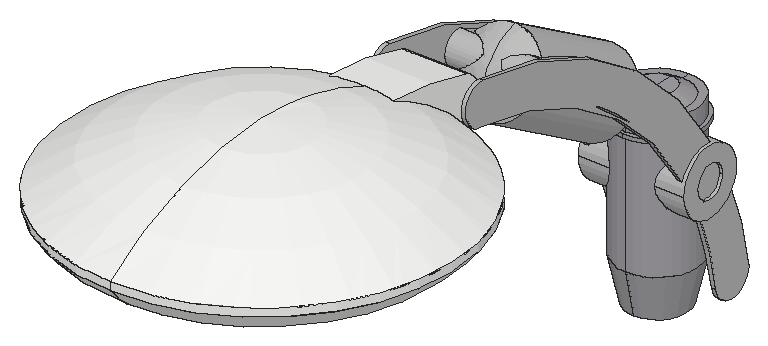
Revit family
Parameters (values of type "24" , FH2-150MH")
  Default elevation = 0' - 0"
  Height = 2' - 7"  # constant formula
  Length = 3' - 6"  # constant formula
  Wattage Comments = "MH150/U"
  Wattage = 84.1513 W
  built-in parameter 1150110 = 1 (stored number, unit not read)
  Voltage = 277 V  # constant formula
  Width = 0' - 4"  # constant formula
  URL = "http://www.aal.net/"
  built-in parameter 1114217 = 1 (stored number, unit not read)
  Tilt Angle = 90.00°
  built-in parameter 1150109 = 1 (stored number, unit not read)
  built-in parameter 1150134 = (empty or 0)
  built-in parameter 1150113 = 1 (stored number, unit not read)
  Series = "FLex"  # constant formula
  Revision Date = "02/23/2010"  # constant formula
  Framing Material = Aluminum-AAL-Grey Satin
  Power Factor = 1  # constant formula
  Photometric Web File = "generic.ies"
  OmniClass Title = "Post-Top Lighting"  # constant formula
  OmniClass Number = "23.80.70.14.11.14"  # constant formula
  Number of Poles = 1
  Note Visible = yes
  Note Text = "LF"  # constant formula
  Model = "24\" , FH2-150MH"
  MasterFormat Title = "Area Lighting"  # constant formula
  MasterFormat Number = "26.56.29"  # constant formula
  Manufacturer = "Architectural Area Lighting"  # constant formula
  Lumens = 12500 lm
  built-in parameter 1150115 = 1 (stored number, unit not read)
  built-in parameter 1150105 = 994.72 (stored number, unit not read)
  built-in parameter 1150137 = (empty or 0)
  built-in parameter 1150139 = (empty or 0)
  built-in parameter 1150112 = 1 (stored number, unit not read)
  built-in parameter 1150114 = 1 (stored number, unit not read)
  Lamp = "150 WATT MEDIUM BASE ED-17 CLEAR MH LAMP"
  built-in parameter 1150132 = 2
  built-in parameter 1150102 = (empty or 0)
  built-in parameter 1150138 = (empty or 0)
  built-in parameter 1150107 = 3000 (stored number, unit not read)
  built-in parameter 1150106 = 9.9472 (stored number, unit not read)
  Housing Material = Aluminum-AAL-Artic White
  Glazing Type = Glass-AAL-Clear
  Full Load Current = 0.73 A  # constant formula
  Frequency = 60 Hz  # constant formula
  built-in parameter 1150104 = 13.8 (stored number, unit not read)
  Dimming Lamp Color Temperature Shift = (empty or 0)
  Description = "Exterior Lighting"  # constant formula
  Color Filter = 16777215
  built-in parameter 1114218 = 1 (stored number, unit not read)
  built-in parameter 1150133 = 10 (stored number, unit not read)
  Assembly Code = "D5020210"
  Architectural Design Manual = "http://www.aal.net/sections/downloads/html/downloads.html"
  Apparent Load = 150 VA
  Absolute Lumens = 12500 lm
  AAL IES File = "FH2-150MH.IES"
Reference planes (in)
  plane 1 "Light Source Axis (F/B)": y = 1.68956
  plane 2: z = 0.00059
  plane 3 "Light Source Axis (L/R)": x = 0
  plane 4 "Light Source Elevation": z = 18.00059
  plane 5 "Top": z = 31.00059
  plane 6 "Back": y = 32.06456
  plane 7 "Front": y = -9.93544
  plane 8: y = 13.31456
Forms (in)
  Revolve 1, solid, material "Aluminum-AAL-Artic White" <- "Housing Material", detail levels medium+fine
    sketch origin (0, 0, 0) x (0, 1, 0) y (0, 0, 1)
      loop
        arc (1.68956, 23.41936) -> (-4.44431, 22.41331) -> (-9.93544, 19.50059) r 19.20214
        line (-9.93544, 19.50059) -> (-9.93544, 19.00059) -> (-9.68544, 19.00059) -> (-9.68544, 19.37614)
        arc (-9.68544, 19.37614) -> (-4.30584, 22.19606) -> (1.68956, 23.16936) r 18.95214
        line (1.68956, 23.16936) -> (1.68956, 23.41936)
      axis (1.68956, 23.41936) -> (1.68956, 19.00059)
    angle from 0 to 360
  Revolve 2, solid, material "Aluminum-AAL-Artic White" <- "Housing Material", detail levels medium+fine
    sketch origin (0, 0, 0) x (0, 1, 0) y (0, 0, 1)
      loop
        line (-5.93544, 17.00059) -> (-5.93544, 17.06309) -> (-6.1739, 17.06309)
        arc (-6.1739, 17.06309) -> (-8.25434, 17.57991) -> (-9.85966, 19.00059) r 4.50026
        line (-9.85966, 19.00059) -> (-9.93544, 19.00059)
        arc (-9.93544, 19.00059) -> (-8.30246, 17.53465) -> (-6.17399, 17.00059) r 4.56276
        line (-6.17399, 17.00059) -> (-5.93544, 17.00059)
      axis (1.68956, 19.00059) -> (1.68956, 17.00059)
    angle from 0 to 360
  Extrusion 3, solid, material "Glass-AAL-Clear" <- "Glazing Type"
    sketch origin (0, 0, 18.00059) x (0, -1, 0) y (-1, 0, 0)
      loop
        circle (-1.68956, 0) r 7.625
    from 0.9375 to 1
  Extrusion 4, solid, material "Aluminum-AAL-Artic White" <- "Housing Material", detail levels medium+fine
    sketch origin (0, 0, 0) x (0, 1, 0) y (0, 0, 1)
      loop
        line (9.25725, 21.73831) -> (9.36016, 16.99823)
        arc (9.36016, 16.99823) -> (12.16761, 17.24164) -> (14.90087, 17.92748) r 17.70208
        arc (14.90087, 17.92748) -> (15.87284, 19.34576) -> (14.90087, 20.76405) r 1.52075
        arc (14.90087, 20.76405) -> (12.114, 21.45358) -> (9.25725, 21.73831) r 20.06345
    from -2 to 2
  Revolve 5, solid, material "Aluminum-AAL-Grey Satin" <- "Framing Material", detail levels fine
    sketch origin (0, 0, 0) x (0, 1, 0) y (0, 0, 1)
      loop
        arc (26.05048, 11.50761) -> (27.30066, 12.10481) -> (28.21851, 13.14266) r 3.47802
        line (28.21851, 13.14266) -> (18.97707, 18.4782)
        arc (18.97707, 18.4782) -> (18.5372, 17.16439) -> (18.6451, 15.78311) r 3.47802
        line (18.6451, 15.78311) -> (26.05048, 11.50761)
      axis (28.21851, 13.14266) -> (18.97707, 18.4782)
    angle from 0 to 360
  Extrusion 6, solid, material "Aluminum-AAL-Grey Satin" <- "Framing Material", detail levels medium+fine
    sketch origin (0, 0, 0) x (0, 1, 0) y (0, 0, 1)
      loop
        arc (32.82433, 1.37216) -> (34.26512, 0.34789) -> (35.28939, 1.78867) r 1.25
        arc (35.28939, 1.78867) -> (28.33631, 14.70455) -> (14.96687, 20.73973) r 22.87006
        arc (14.96687, 20.73973) -> (13.60104, 19.61745) -> (14.72333, 18.25162) r 1.25
        arc (14.72333, 18.25162) -> (26.63131, 12.87617) -> (32.82433, 1.37216) r 20.37006
    from 2.75 to 3
  Extrusion 7, solid, material "Aluminum-AAL-Grey Satin" <- "Framing Material", detail levels medium+fine
    sketch origin (0, 12, 0) x (0, 1, 0) y (0, 0, 1)
      loop
        arc (20.82433, 1.37216) -> (22.26512, 0.34789) -> (23.28939, 1.78867) r 1.25
        arc (23.28939, 1.78867) -> (16.33631, 14.70455) -> (2.96687, 20.73973) r 22.87006
        arc (2.96687, 20.73973) -> (1.60104, 19.61745) -> (2.72333, 18.25162) r 1.25
        arc (2.72333, 18.25162) -> (14.63131, 12.87617) -> (20.82433, 1.37216) r 20.37006
    from -2.75 to -3
  Revolve 8, solid, material "Aluminum-AAL-Matte", detail levels medium+fine
    sketch origin (0, 0, 0) x (0, 1, 0) y (0, 0, 1)
      loop
        line (32.06456, 0.00059) -> (32.06456, 11.96459) -> (31.00234, 11.96459) -> (30.13372, 11.47198) -> (29.63372, 11.47198) -> (29.63372, 10.41968) -> (29.38372, 10.41968) -> (29.38372, 10.16968) -> (29.63372, 10.16968) -> (29.63372, 2.68011) -> (30.25234, 0.00059) -> (32.06456, 0.00059)
      axis (32.06456, 0.00059) -> (32.06456, 11.96459)
    angle from 0 to 360
  Extrusion 9, solid, material "Aluminum-AAL-Grey Satin" <- "Framing Material", detail levels medium+fine
    sketch origin (0, 0, 0) x (0, 1, 0) y (0, 0, 1)
      loop
        circle (32.06456, 7.72793) r 1
      loop
        circle (32.06456, 7.72793) r 2
    from -3.25 to 3.25
  Extrusion 10, solid, material "Aluminum-AAL-Matte", detail levels coarse
    sketch origin (11.32072, 0, 0.00059) x (1, 0, 0) y (0, 1, 0)
      loop
        circle (-11.32072, 32.06456) r 2.5
    from 0 to 11.964
  Revolve 11, solid, material "Aluminum-AAL-Artic White" <- "Housing Material", detail levels coarse
    sketch origin (0, 0, 0) x (0, 1, 0) y (0, 0, 1)
      loop
        line (-9.93544, 17.00059) -> (-5.93544, 17.00059) -> (-5.93544, 22.50059) -> (1.68956, 22.50059) -> (1.68956, 23.46779) -> (-9.93544, 23.46779) -> (-9.93544, 17.00059)
      axis (1.68956, 23.46779) -> (1.68956, 17.00059)
    angle from 0 to 360
  Extrusion 12, solid, material "Aluminum-AAL-Matte", detail levels coarse
    sketch origin (0, 0, 0) x (0, 1, 0) y (0, 0, 1)
      loop
        arc (9.66013, 18.11449) -> (23.36401, 15.35797) -> (32.06456, 4.41745) r 20.37006
        line (32.06456, 4.41745) -> (34.43637, 5.20771)
        arc (34.43637, 5.20771) -> (24.66801, 17.49094) -> (9.28227, 20.58577) r 22.87006
        line (9.28227, 20.58577) -> (9.66013, 18.11449)
    from -3.25 to 3.25
  Extrusion 13, solid, material "Aluminum-AAL-Grey Satin" <- "Framing Material", detail levels fine
    sketch origin (0, 0, 0) x (0, 1, 0) y (0, 0, 1)
      loop
        arc (19.59353, 17.42586) -> (23.47802, 15.58128) -> (26.89545, 12.97114) r 20.62006
        arc (26.89545, 12.97114) -> (28.1205, 13.18976) -> (28.26853, 14.42532) r 1.04542
        arc (28.26853, 14.42532) -> (24.51963, 17.28863) -> (20.25838, 19.31212) r 22.62006
        arc (20.25838, 19.31212) -> (19.17669, 18.63308) -> (19.59353, 17.42586) r 1.02659
    from -2.75 to 2.75
Cuts and joins
  joined: Extrusion 6, Extrusion 7, Extrusion 9
  joined: Extrusion 10, Extrusion 12
  joined: Revolve 1, Extrusion 4
  joined: Revolve 5, Extrusion 13
Lines and regions (in)
  Masking region 1, detail levels coarse
    outline origin (0, 0, 0.00059) x (1, 0, 0) y (0, 1, 0)
      loop
        arc (-3.25, 12.85102) -> (0, -9.93544) -> (3.25, 12.85102) r 11.625
        line (3.25, 12.85102) -> (3.25, 35.30686) -> (-3.25, 35.30686) -> (-3.25, 12.85102)
  Masking region 2, detail levels medium+fine
    outline origin (0, 0, 0.00059) x (1, 0, 0) y (0, 1, 0)
      loop
        arc (-2, 13.14122) -> (0, -9.93544) -> (2, 13.14122) r 11.625
        line (2, 13.14122) -> (2, 14.68914) -> (2.75, 14.68914) -> (2.75, 13.39122) -> (3, 13.39122) -> (3, 14.68914) -> (3, 19.6451) -> (3, 27.05048) -> (3, 30.06456) -> (3.25, 30.06456) -> (3.25, 34.06456) -> (3, 34.06456) -> (3, 35.30686) -> (2.75, 35.30686) -> (2.75, 34.06456) -> (1.78519, 34.06456)
        arc (1.78519, 34.06456) -> (0, 34.7454) -> (-1.78519, 34.06456) r 2.68084
        line (-1.78519, 34.06456) -> (-2.75, 34.06456) -> (-2.75, 35.30686) -> (-3, 35.30686) -> (-3, 34.06456) -> (-3.25, 34.06456) -> (-3.25, 30.06456) -> (-3, 30.06456) -> (-3, 27.05048) -> (-3, 19.6451) -> (-3, 14.68914) -> (-3, 13.5951) -> (-2.75, 13.5951) -> (-2.75, 14.68914) -> (-2, 14.68914) -> (-2, 13.14122)
      loop
        arc (2.05644, 30.34469) -> (0, 29.38372) -> (-2.05644, 30.34469) r 2.68084
        line (-2.05644, 30.34469) -> (-2.75, 30.06456) -> (-2.75, 27.55048) -> (-2.3923, 27.55048)
        arc (-2.3923, 27.55048) -> (0, 28.70296) -> (2.3923, 27.55048) r 3.0592
        line (2.3923, 27.55048) -> (2.75, 27.55048) -> (2.75, 30.06456) -> (2.05644, 30.34469)
      loop
        line (-2, 15.87284) -> (2, 15.87284) -> (2, 15.18914) -> (2.75, 15.18914) -> (2.75, 19.6451) -> (2.5, 19.6451)
        arc (2.5, 19.6451) -> (0, 18.48157) -> (-2.5, 19.6451) r 3.26757
        line (-2.5, 19.6451) -> (-2.75, 19.6451) -> (-2.75, 15.18914) -> (-2, 15.18914) -> (-2, 15.87284)
  Masking region 3, detail levels coarse
    outline origin (0, 1.68956, 0) x (1, 0, 0) y (0, 0, 1)
      loop
        line (-11.625, 23.46779) -> (-11.625, 17.00059) -> (11.625, 17.00059) -> (11.625, 23.46779) -> (-11.625, 23.46779)
  Masking region 4, detail levels coarse
    outline origin (0, -9.93544, 0) x (-1, 0, 0) y (0, 0, 1)
      loop
        line (2.5, 0.00059) -> (2.5, 17.00059) -> (-2.5, 17.00059) -> (-2.5, 0.00059) -> (2.5, 0.00059)
  Masking region 5, detail levels medium+fine
    outline origin (0, 1.68956, 0) x (1, 0, 0) y (0, 0, 1)
      loop
        line (-11.625, 19.50059) -> (-11.625, 19.00059)
        arc (-11.625, 19.00059) -> (-9.99791, 17.53179) -> (-7.87127, 17.00059) r 4.52263
        line (-7.87127, 17.00059) -> (7.87127, 17.00059)
        arc (7.87127, 17.00059) -> (9.99791, 17.53179) -> (11.625, 19.00059) r 4.52263
        line (11.625, 19.00059) -> (11.625, 19.50059)
        arc (11.625, 19.50059) -> (0, 23.46779) -> (-11.625, 19.50059) r 19.01584
  Masking region 6, detail levels medium+fine
    outline origin (0, -9.93544, 0) x (-1, 0, 0) y (0, 0, 1)
      loop
        line (-2, 0.00059) -> (2, 0.00059) -> (2.61862, 2.68011) -> (2.61862, 5.72793) -> (2.75, 5.72793) -> (2.75, 0.33042) -> (3, 0.33042) -> (3, 5.72793) -> (3.25, 5.72793) -> (3.25, 9.72793) -> (3, 9.72793) -> (3, 13.42268) -> (3, 17.00059) -> (-3, 17.00059) -> (-3, 13.42268) -> (-3, 9.72793) -> (-3.25, 9.72793) -> (-3.25, 5.72793) -> (-3, 5.72793) -> (-3, 0.33042) -> (-2.75, 0.33042) -> (-2.75, 5.72793) -> (-2.61862, 5.72793) -> (-2.61862, 2.68011) -> (-2, 0.00059)
      loop
        line (2.75, 16.75059) -> (2.61862, 16.75059) -> (2.61862, 9.72793) -> (2.75, 9.72793) -> (2.75, 16.75059)
      loop
        line (-2.75, 16.75059) -> (-2.75, 9.72793) -> (-2.61862, 9.72793) -> (-2.61862, 16.75059) -> (-2.75, 16.75059)
  Masking region 7, detail levels coarse
    outline origin (0, 37.41735, 7.8317) x (0, -0.866025, 0.5) y (0, -0.5, -0.866025)
      loop
        arc (26.12797, 2.95062) -> (16.92383, 0.50792) -> (7.61515, 2.51577) r 20.37006
        line (7.61515, 2.51577) -> (2.88517, 10.70833) -> (-1.44496, 8.20833) -> (4.53704, -2.15279) -> (7.76786, -0.28747)
        arc (7.76786, -0.28747) -> (17.6941, -1.96359) -> (27.37842, 0.78478) r 22.87006
        line (27.37842, 0.78478) -> (28.69168, -1.48986) -> (48.82677, 10.13514) -> (45.59317, 15.7359) -> (25.45808, 4.1109) -> (26.12797, 2.95062)
  Masking region 8, detail levels medium+fine
    outline origin (0, 37.41735, 7.8317) x (0, -0.866025, 0.5) y (0, -0.5, -0.866025)
      loop
        line (-1.01195, 8.45833) -> (-0.91212, 8.13182)
        arc (-0.91212, 8.13182) -> (-1.45238, 7.27374) -> (-1.17864, 6.29739) r 1.25
        arc (-1.17864, 6.29739) -> (-0.28753, 5.28244) -> (0.66193, 4.32186) r 22.87006
        line (0.66193, 4.32186) -> (3.53686, -0.65766) -> (3.32036, -0.78266) -> (3.44536, -0.99917) -> (3.66186, -0.87417) -> (4.18801, -1.78549) -> (4.62103, -1.53549) -> (5.78219, -1.4339) -> (7.56813, -0.40279) -> (7.62201, -0.37168) -> (7.70043, -0.25969)
        arc (7.70043, -0.25969) -> (15.67225, -1.98463) -> (23.74241, -0.80239) r 22.87006
        arc (23.74241, -0.80239) -> (24.82476, -0.40738) -> (25.88585, 0.04163) r 22.87006
        arc (25.88585, 0.04163) -> (28.60384, 0.81088) -> (31.18686, 1.95424) r 20.06345
        arc (31.18686, 1.95424) -> (40.62776, 5.58896) -> (46.84317, 13.57084) r 18.90633
        line (46.84317, 13.57084) -> (46.59317, 14.00385)
        arc (46.59317, 14.00385) -> (44.44592, 14.45904) -> (42.33566, 13.85518) r 4.54647
        line (42.33566, 13.85518) -> (28.7156, 5.99163)
        arc (28.7156, 5.99163) -> (26.49763, 4.41402) -> (24.54774, 2.51504) r 17.70208
        arc (24.54774, 2.51504) -> (24.40678, 2.3069) -> (24.30204, 2.07837) r 1.52075
        arc (24.30204, 2.07837) -> (16.01614, 0.50682) -> (7.80383, 2.42619) r 20.37006
        line (7.80383, 2.42619) -> (4.32765, 8.44711) -> (2.45216, 10.45833) -> (-1.01195, 8.45833)
  Masking region 9, detail levels fine
    outline origin (0, 0, 0) x (0, 1, 0) y (0, 0, 1)
      loop
        arc (28.64669, 14.40963) -> (28.67248, 15.12866) -> (28.55048, 15.83774) r 3.49488
        line (28.55048, 15.83774) -> (21.1451, 20.11324)
        arc (21.1451, 20.11324) -> (20.56955, 19.93306) -> (20.03522, 19.65342) r 3.37801
        arc (20.03522, 19.65342) -> (24.63352, 17.51199) -> (28.64669, 14.40963) r 22.87006
      loop
        arc (18.55534, 17.50047) -> (18.4891, 16.63598) -> (18.6451, 15.78311) r 3.37801
        line (18.6451, 15.78311) -> (26.05048, 11.50761)
        arc (26.05048, 11.50761) -> (26.74086, 11.76405) -> (27.36216, 12.15947) r 3.49488
        arc (27.36216, 12.15947) -> (23.3019, 15.39579) -> (18.55534, 17.50047) r 20.37006
  reference lines
    curve 1: line (0, 37.41735, 7.8317) -> (0, 7.10647, 25.3317)
  symbolic lines, detail levels fine
    curve 2: line (-2, 15.87284, 0.00059) -> (-2, 9.26297, 0.00059)
    curve 3: line (2, 9.26297, 0.00059) -> (2, 15.87284, 0.00059)
    curve 4: line (-2, 9.26297, 0.00059) -> (2, 9.26297, 0.00059)
    curve 5: line (-3, 35.30686, 0.00059) -> (-3, 13.5951, 0.00059)
    curve 6: line (-2.75, 13.5951, 0.00059) -> (-2.75, 35.30686, 0.00059)
    curve 7: line (2.75, 35.30686, 0.00059) -> (2.75, 13.5951, 0.00059)
    curve 8: line (3, 13.5951, 0.00059) -> (3, 35.30686, 0.00059)
    curve 9: circle (0, 32.06456, 0.00059) r 2.61862 normal (0, 0, -1)
    curve 10: circle (0, 32.06456, 0.00059) r 1.93084 normal (0, 0, -1)
    curve 11: circle (0, 32.06456, 0.00059) r 1.25 normal (0, 0, -1)
    curve 12: line (-2.48672, 19.62942, 0.00059) -> (-2.48672, 27.55048, 0.00059)
    curve 13: line (2.5, 27.55048, 0.00059) -> (2.5, 19.6451, 0.00059)
    curve 14: arc (-2.48672, 19.96229, 0.00059) -> (0.00664, 21.20518, 0.00059) -> (2.5, 19.96229, 0.00059) r 3.12241
    curve 15: line (-2.61862, 1.68956, 2.68011) -> (2.61862, 1.68956, 2.68011)
    curve 16: line (-2.75, 1.68956, 0.33042) -> (-2.75, 1.68956, 17.00059)
    curve 17: line (-3, 1.68956, 17.00059) -> (-3, 1.68956, 0.33042)
    curve 18: line (2.75, 1.68956, 17.00059) -> (2.75, 1.68956, 0.33042)
    curve 19: line (3, 1.68956, 0.33042) -> (3, 1.68956, 17.00059)
    curve 20: line (-11.625, 1.68956, 19.00059) -> (11.625, 1.68956, 19.00059)
    curve 21: line (-11.625, 1.68956, 19.50059) -> (11.625, 1.68956, 19.50059)
    curve 22: arc (0, 13.31456, 19.4909) -> (0, 11.43775, 20.7238) -> (0, 9.43162, 21.73271) r 19.49638
    curve 23: arc (0, 13.31456, 19.00059) -> (0, 11.68119, 17.53532) -> (0, 9.55311, 17.00037) r 4.56967
    curve 24: line (0, 13.31456, 19.00059) -> (0, 13.31456, 19.4909)
    curve 25: arc (0, 14.96687, 20.73973) -> (0, 13.60104, 19.61745) -> (0, 14.72333, 18.25162) r 1.25
    curve 26: arc (0, 14.72333, 18.25162) -> (0, 23.62613, 15.19498) -> (0, 30.20417, 8.46206) r 20.37006
    curve 27: arc (0, 32.37456, 9.70376) -> (0, 24.98443, 17.29394) -> (0, 14.96687, 20.73973) r 22.87006
    curve 28: arc (0, 32.82433, 1.37216) -> (0, 34.26512, 0.34789) -> (0, 35.28939, 1.78867) r 1.25
    curve 29: circle (0, 32.06456, 7.72793) r 2 normal (1, 0, 0)
    curve 30: circle (0, 32.06456, 7.72793) r 1 normal (-1, 0, 0)
    curve 31: arc (0, 31.54946, 5.7954) -> (0, 32.31224, 3.61991) -> (0, 32.82433, 1.37216) r 20.37006
    curve 32: arc (0, 35.28939, 1.78867) -> (0, 34.70719, 4.33745) -> (0, 33.83789, 6.80312) r 22.87006
    curve 33: line (0, 32.559, 2.68011) -> (0, 29.44594, 2.68011)
    curve 34: line (0, 31.92894, 10.41968) -> (0, 34.93317, 10.41968)
    curve 35: line (0, 32.08873, 10.16968) -> (0, 34.93317, 10.16968)
    curve 36: line (0, 31.20418, 11.47198) -> (0, 34.18317, 11.47198)
    curve 37: line (0, 31.06456, 11.96459) -> (0, 33.06456, 11.96459)
    curve 38: line (-2.61862, 1.68956, 9.72793) -> (2.61862, 1.68956, 9.72793)
    curve 39: line (-2.61862, 1.68956, 5.72793) -> (2.61862, 1.68956, 5.72793)
    curve 40: line (-2.61862, 1.68956, 11.96459) -> (2.61862, 1.68956, 11.96459)
Dimensions and locks (in)
  "Height": plane 5 "Top" to plane 2
  locked: plane 5 "Top" to plane 4 "Light Source Elevation" at 13
  equal spacing: plane 8, plane 1 "Light Source Axis (F/B)", plane 7 "Front"
  plane 6 "Back" to plane 8 = 1' - 6 3/4"
  "Length": plane 6 "Back" to plane 7 "Front"
  plane 4 "Light Source Elevation" to Revolve 1 sketch curve to Revolve 1 sketch curve = 0' - 5.16876" locked, 0' - 0 1/4" locked
  locked: Revolve 1 sketch curve to plane 7 "Front" at 0.25
  Revolve 2 sketch curve to Revolve 2 sketch curve to plane 4 "Light Source Elevation" = 0' - 0 1/16" locked, 0' - 0 15/16" locked
  Revolve 2 sketch curve to Revolve 2 sketch curve to plane 4 "Light Source Elevation" = 0' - 0 1/16" locked, 0' - 0.93752" locked
  locked: plane 4 "Light Source Elevation" to Revolve 2 sketch curve at 1
  locked: Revolve 2 sketch curve to plane 7 "Front" at 4
  locked: plane 3 "Light Source Axis (L/R)" to Extrusion 3 sketch curve at 7.625
  Extrusion 4 sketch curve to plane 8 to Extrusion 4 sketch curve to Extrusion 4 sketch curve = 0' - 2.55828" locked, 0' - 3.9544" locked, 0' - 0.10291" locked
  Extrusion 4 sketch curve to Extrusion 4 sketch curve to plane 4 "Light Source Elevation" to Extrusion 4 sketch curve to Extrusion 4 sketch curve = 0' - 0.92925" locked, 0' - 0.07312" locked, 0' - 2.76346" locked, 0' - 0.97426" locked
  Extrusion 4 to plane 3 "Light Source Axis (L/R)" to Extrusion 4 = 0' - 2", 0' - 2"
  locked: curve 1 to plane 4 "Light Source Elevation" at 10.16889
  locked: curve 1 to plane 6 "Back" at 5.3528
  locked: plane 8 to curve 1 at 6.20809
  locked: plane 5 "Top" to curve 1 at 5.66889
  locked: Revolve 5 sketch curve to Revolve 5 sketch curve at 2.5
  Revolve 5 sketch curve to Revolve 5 sketch curve to plane 8 = 0' - 0.33198" locked, 0' - 5.33054" locked
  plane 6 "Back" to Revolve 5 sketch curve to Revolve 5 sketch curve = 0' - 3.84605" locked, 0' - 2.16802" locked
  Revolve 5 sketch curve to Revolve 5 sketch curve to Revolve 5 sketch curve to plane 4 "Light Source Elevation" to Revolve 5 sketch curve = 0' - 1.63504" locked, 0' - 2.64046" locked, 0' - 2.21748" locked, 0' - 0.47761" locked
  equal spacing: Extrusion 6 sketch curve, Extrusion 6 sketch curve, plane 8
  plane 5 "Top" to Extrusion 6 sketch curve to Extrusion 6 sketch curve = 0' - 10.26086" locked, 0' - 2.48811" locked
  Extrusion 6 sketch curve to Extrusion 6 sketch curve to plane 2 = 0' - 0.41651" locked, 0' - 1.37157" locked
  Extrusion 6 sketch curve to Extrusion 6 sketch curve to plane 6 "Back" = 0' - 2.46506" locked, 0' - 0.75978" locked
  plane 2 to Extrusion 6 sketch curve to Extrusion 6 sketch curve = 0' - 2.02215" locked, 0' - 0" locked
  locked: plane 8 to Extrusion 6 sketch curve at 0.5756
  plane 8 to Extrusion 6 sketch curve = 0' - 0.5756"
  locked: Extrusion 7 sketch curve to Extrusion 7 sketch curve
  Extrusion 7 sketch curve to Extrusion 7 sketch curve to plane 8 = 0' - 0.24354" locked, 0' - 1.40877" locked
  equal spacing: plane 4 "Light Source Elevation", Extrusion 7 sketch curve, Extrusion 7 sketch curve
  Extrusion 7 sketch curve to Extrusion 7 sketch curve to plane 6 "Back" = 0' - 2.46506" locked, 0' - 0.75978" locked
  equal spacing: Extrusion 7 sketch curve, Extrusion 7 sketch curve, plane 2
  locked: plane 2 to Extrusion 7 sketch curve at 2.02215
  plane 2 to Extrusion 7 sketch curve = 0' - 2.02215"
  plane 8 to Extrusion 7 sketch curve to Extrusion 7 sketch curve = 0' - 0.5756" locked, 0' - 0" locked
  Revolve 8 sketch curve to Revolve 8 sketch curve to Revolve 8 sketch curve to Revolve 8 sketch curve to Revolve 8 sketch curve to Revolve 8 sketch curve = 0' - 1.06222" locked, 0' - 0 3/4" locked, 0' - 0.11862" locked, 0' - 0 1/2" locked, 0' - 0 1/4" locked
  Revolve 8 sketch curve to Revolve 8 sketch curve to Revolve 8 sketch curve to Revolve 8 sketch curve to Revolve 8 sketch curve to plane 2 = 0' - 0.4926" locked, 0' - 1.0523" locked, 0' - 0 1/4" locked, 0' - 7.48957" locked, 0' - 2.67952" locked
  Extrusion 9 sketch curve to Extrusion 9 sketch curve to plane 2 = 0' - 0" locked, 0' - 7.72734" locked
  locked: plane 3 "Light Source Axis (L/R)" to Extrusion 10 sketch curve at 2.5
  locked: Revolve 11 sketch curve to plane 7 "Front" at 4
  plane 4 "Light Source Elevation" to Revolve 11 sketch curve to Revolve 11 sketch curve = 0' - 4 1/2" locked, 0' - 0.9672" locked
  locked: plane 2 to Extrusion 12 sketch curve at 2.02215  (x2)
  locked: plane 8 to Extrusion 12 sketch curve at 0.5756  (x2)
  Extrusion 12 sketch curve to plane 6 "Back" to Extrusion 12 sketch curve = 0' - 2.37181" locked, 0' - 0" locked
  Extrusion 12 sketch curve to Extrusion 12 sketch curve to plane 2 = 0' - 0.79025" locked, 0' - 4.41686" locked
  plane 8 to Extrusion 12 sketch curve to Extrusion 12 sketch curve = 0' - 3.65442" locked, 0' - 0.37786" locked
  equal spacing: plane 4 "Light Source Elevation", Extrusion 12 sketch curve, Extrusion 12 sketch curve
  locked: plane 7 "Front" to Masking region 1 sketch curve at 0
  locked: Masking region 1 sketch curve to plane 6 "Back" at 3.24231
  locked: Masking region 2 sketch curve to plane 7 "Front" at 0
  Masking region 2 sketch curve to Masking region 2 sketch curve to plane 8 = 0' - 1.09404" locked, 0' - 0.28054" locked
  Masking region 2 sketch curve to Masking region 2 sketch curve to plane 6 "Back" to Masking region 2 sketch curve = 0' - 1.24231" locked, 0' - 2" locked, 0' - 2" locked  (x2)
  locked: Masking region 2 sketch curve to plane 8 at 0.07666
  Masking region 2 sketch curve to Masking region 2 sketch curve to plane 3 "Light Source Axis (L/R)" to Masking region 2 sketch curve to Masking region 2 sketch curve = 0' - 0.33586" locked, 0' - 2.05644" locked, 0' - 2.05644" locked, 0' - 0.33586" locked
  locked: plane 6 "Back" to Masking region 2 sketch curve at 3.3616
  locked: Masking region 2 sketch curve to plane 8 at 2.55828
  Masking region 2 sketch curve to plane 3 "Light Source Axis (L/R)" to Masking region 2 sketch curve = 0' - 2 1/2" locked, 0' - 2 1/2" locked
  locked: Masking region 2 sketch curve to plane 8 at 5.16701
  curve 12 to plane 3 "Light Source Axis (L/R)" to curve 13 = 0' - 2.48672", 0' - 2 1/2"
  curve 12 to curve 13 to curve 14 to curve 14 to curve 13 to curve 12 to curve 2 to curve 3 to plane 8 to curve 4 = 0' - 0" locked, 0' - 7.58819" locked, 0' - 0" locked, 0' - 0.31719" locked, 0' - 0.01568" locked, 0' - 3.75658" locked, 0' - 0" locked, 0' - 2.55828" locked, 0' - 4.05159" locked
  curve 5 to curve 6 to curve 7 to curve 8 to curve 5 to curve 6 to curve 7 to curve 8 to plane 8 = 0' - 0", 0' - 0", 0' - 0" locked, 1' - 9.71176" locked, 0' - 0", 0' - 0", 0' - 0" locked, 0' - 0.28054" locked
  Masking region 3 sketch curve to plane 3 "Light Source Axis (L/R)" to Masking region 3 sketch curve = 0' - 11 5/8" locked, 0' - 11 5/8" locked
  Masking region 5 sketch curve to plane 3 "Light Source Axis (L/R)" to Masking region 5 sketch curve = 0' - 11 5/8" locked, 0' - 11 5/8" locked
  Masking region 5 sketch curve to Masking region 5 sketch curve to Masking region 5 sketch curve to Masking region 5 sketch curve to Masking region 5 sketch curve to plane 4 "Light Source Elevation" to Masking region 5 sketch curve to Masking region 5 sketch curve = 0' - 3.9672" locked, 0' - 0" locked, 0' - 0 1/2" locked, 0' - 0" locked, 0' - 1" locked, 0' - 1" locked, 0' - 0" locked
  Masking region 5 sketch curve to plane 3 "Light Source Axis (L/R)" to Masking region 5 sketch curve = 0' - 7.87127" locked, 0' - 7.87127" locked
  Masking region 6 sketch curve to Masking region 6 sketch curve to Masking region 6 sketch curve to Masking region 6 sketch curve to plane 2 = 0' - 4" locked, 0' - 3.04782" locked, 0' - 2.34969" locked, 0' - 0.32983" locked  (x2)
  locked: plane 4 "Light Source Elevation" to Masking region 6 sketch curve at 1
  locked: plane 4 "Light Source Elevation" to Masking region 6 sketch curve at 1.25
  Masking region 6 sketch curve to plane 3 "Light Source Axis (L/R)" to Masking region 6 sketch curve = 0' - 2.61862" locked, 0' - 2.61862" locked
  curve 17 to curve 16 to curve 16 to curve 17 to plane 2 = 0' - 0" locked, 1' - 4.67017" locked, 0' - 0" locked, 0' - 0.32983" locked
  curve 19 to curve 18 to curve 18 to curve 19 to plane 2 = 0' - 0" locked, 1' - 4.67017" locked, 0' - 0" locked, 0' - 0.32983" locked
  curve 20 to curve 21 to plane 3 "Light Source Axis (L/R)" to curve 21 to curve 20 = 0' - 0" locked, 0' - 11 5/8" locked, 0' - 11 5/8" locked, 0' - 0" locked
  curve 15 to plane 3 "Light Source Axis (L/R)" to curve 15 = 0' - 2.61862" locked, 0' - 2.61862" locked
  locked: plane 4 "Light Source Elevation" to Masking region 8 sketch curve at 5.42914
  Masking region 8 sketch curve to Masking region 8 sketch curve to Masking region 8 sketch curve to Masking region 8 sketch curve to Masking region 8 sketch curve to plane 6 "Back" to Masking region 8 sketch curve to Masking region 8 sketch curve to Masking region 8 sketch curve = 0' - 0 1/4" locked, 0' - 0 1/2" locked, 0' - 0.04181" locked, 0' - 1.01458" locked, 0' - 1.06222" locked, 0' - 1.06222" locked, 0' - 0.1239" locked, 0' - 1.43249" locked
  curve 35 to curve 34 to curve 33 to curve 35 to plane 6 "Back" to curve 34 to curve 33 = 0' - 0" locked, 0' - 2.37418" locked, 0' - 0.47027" locked, 0' - 0.02417" locked, 0' - 0.13561" locked, 0' - 2.483" locked
  plane 8 to curve 23 to curve 22 = 0' - 3.76145" locked, 0' - 0.12149" locked
  curve 23 to plane 4 "Light Source Elevation" to curve 24 to curve 24 to curve 22 = 0' - 1.00026" locked, 0' - 1" locked, 0' - 0.4903" locked, 0' - 2.24182" locked
  Masking region 9 sketch curve to curve 1 to Masking region 9 sketch curve = 0' - 2 1/2" locked, 0' - 2 1/2" locked
  Masking region 9 sketch curve to Masking region 9 sketch curve to Masking region 9 sketch curve to Masking region 9 sketch curve to plane 8 = 0' - 1.10987" locked, 0' - 1.39013" locked, 0' - 0.08976" locked, 0' - 5.24078" locked
  plane 6 "Back" to Masking region 9 sketch curve to Masking region 9 sketch curve to Masking region 9 sketch curve to Masking region 9 sketch curve = 0' - 3.41787" locked, 0' - 0.09621" locked, 0' - 1.18832" locked, 0' - 1.31168" locked
  curve 36 to curve 37 to plane 6 "Back" to curve 36 to curve 37 = 0' - 1.11862" locked, 0' - 1" locked, 0' - 0.86038" locked, 0' - 0.13962" locked
  "Default elevation": plane 2 to level
  locked: Masking region 7 sketch curve to plane 6 "Back" at 2.5
  Extrusion 13 to plane 3 "Light Source Axis (L/R)" to Extrusion 13 = 0' - 2 3/4" locked, 0' - 2 3/4" locked
  locked: Masking region 7 sketch curve to plane 4 "Light Source Elevation" at 6.036
  locked: cut or joined group of Extrusion 10, Extrusion 12 to plane 4 "Light Source Elevation" at 6.036
  curve 38 to curve 39 to plane 2 = 0' - 4" locked, 0' - 5.72734" locked
  aligned and locked: plane 4 "Light Source Elevation" to imposter light
  aligned and locked: plane 1 "Light Source Axis (F/B)" to nested 1
  aligned and locked: plane 3 "Light Source Axis (L/R)" to nested 1
  aligned and locked: plane 3 "Light Source Axis (L/R)" to imposter light
  aligned and locked: plane 1 "Light Source Axis (F/B)" to imposter light
  aligned and locked: plane 1 "Light Source Axis (F/B)" to Revolve 1 sketch curve
  aligned and locked: Revolve 1 sketch curve to plane 7 "Front"
  aligned and locked: Revolve 1 sketch curve to Revolve 1 sketch curve
  aligned and locked: Revolve 2 sketch curve to plane 1 "Light Source Axis (F/B)"
  aligned and locked: plane 1 "Light Source Axis (F/B)" to Extrusion 3 sketch curve
  aligned and locked: plane 3 "Light Source Axis (L/R)" to Extrusion 3 sketch curve
  aligned and locked: Revolve 5 sketch curve to Revolve 5 sketch curve
  aligned and locked: Revolve 8 sketch curve to plane 6 "Back"
  aligned and locked: Revolve 8 sketch curve to Revolve 8 sketch curve  (x2)
  aligned and locked: Revolve 8 sketch curve to plane 2
  aligned and locked: plane 6 "Back" to Extrusion 9 sketch curve  (x2)
  aligned and locked: plane 3 "Light Source Axis (L/R)" to Extrusion 10 sketch curve
  aligned and locked: plane 6 "Back" to Extrusion 10 sketch curve
  aligned and locked: Extrusion 10 to plane 2
  aligned and locked: plane 1 "Light Source Axis (F/B)" to Revolve 11 sketch curve
  aligned and locked: Revolve 11 sketch curve to Revolve 11 sketch curve
  aligned and locked: Revolve 11 sketch curve to plane 7 "Front"
  aligned and locked: plane 1 "Light Source Axis (F/B)" to Masking region 1 sketch curve
  aligned and locked: plane 3 "Light Source Axis (L/R)" to Masking region 1 sketch curve
  aligned and locked: Masking region 1 sketch curve to cut or joined group of Extrusion 10, Extrusion 12
  aligned and locked: cut or joined group of Extrusion 10, Extrusion 12 to Masking region 1 sketch curve
  aligned and locked: plane 1 "Light Source Axis (F/B)" to Masking region 2 sketch curve
  aligned and locked: plane 3 "Light Source Axis (L/R)" to Masking region 2 sketch curve
  aligned and locked: Masking region 2 sketch curve to cut or joined group of Extrusion 6, Extrusion 7, Extrusion 9  (x12)
  aligned and locked: cut or joined group of Extrusion 6, Extrusion 7, Extrusion 9 to Masking region 2 sketch curve  (x8)
  aligned and locked: Masking region 2 sketch curve to Masking region 2 sketch curve  (x2)
  aligned and locked: curve 5 to cut or joined group of Extrusion 6, Extrusion 7, Extrusion 9
  aligned and locked: curve 6 to cut or joined group of Extrusion 6, Extrusion 7, Extrusion 9
  aligned and locked: curve 7 to cut or joined group of Extrusion 6, Extrusion 7, Extrusion 9
  aligned and locked: curve 8 to cut or joined group of Extrusion 6, Extrusion 7, Extrusion 9
  aligned and locked: Masking region 4 sketch curve to plane 2
  aligned and locked: cut or joined group of Extrusion 6, Extrusion 7, Extrusion 9 to Masking region 6 sketch curve  (x4)
  aligned and locked: Masking region 6 sketch curve to cut or joined group of Extrusion 6, Extrusion 7, Extrusion 9  (x8)
  aligned and locked: Masking region 6 sketch curve to Masking region 6 sketch curve  (x4)
  aligned and locked: Masking region 6 sketch curve to plane 2
  aligned and locked: cut or joined group of Extrusion 6, Extrusion 7, Extrusion 9 to curve 17
  aligned and locked: curve 19 to cut or joined group of Extrusion 6, Extrusion 7, Extrusion 9
  aligned and locked: Masking region 7 sketch curve to cut or joined group of Extrusion 10, Extrusion 12  (x2)
  aligned and locked: Masking region 7 sketch curve to plane 2
  aligned and locked: Masking region 7 sketch curve to plane 8  (x2)
  aligned and locked: Masking region 7 sketch curve to plane 7 "Front"
  aligned and locked: Masking region 8 sketch curve to plane 7 "Front"
  aligned and locked: Masking region 8 sketch curve to Masking region 8 sketch curve
  aligned and locked: curve 25 to cut or joined group of Extrusion 6, Extrusion 7, Extrusion 9
  aligned and locked: curve 26 to cut or joined group of Extrusion 6, Extrusion 7, Extrusion 9
  aligned and locked: curve 27 to cut or joined group of Extrusion 6, Extrusion 7, Extrusion 9
  aligned and locked: curve 28 to cut or joined group of Extrusion 6, Extrusion 7, Extrusion 9
  aligned and locked: curve 29 to cut or joined group of Extrusion 6, Extrusion 7, Extrusion 9
  aligned and locked: curve 30 to cut or joined group of Extrusion 6, Extrusion 7, Extrusion 9
  aligned and locked: curve 31 to cut or joined group of Extrusion 6, Extrusion 7, Extrusion 9
  aligned and locked: curve 32 to cut or joined group of Extrusion 6, Extrusion 7, Extrusion 9
  aligned and locked: curve 24 to plane 8
  aligned and locked: Masking region 9 sketch curve to cut or joined group of Extrusion 10, Extrusion 12  (x2)
  aligned and locked: Masking region 8 sketch curve to plane 2
  aligned and locked: Masking region 8 sketch curve to cut or joined group of Extrusion 10, Extrusion 12  (x3)
  aligned and locked: Masking region 3 sketch curve to Revolve 11  (x2)
  aligned and locked: Masking region 4 sketch curve to Revolve 11
  aligned and locked: Masking region 2 sketch curve to Revolve 8  (x2)
  aligned and locked: curve 10 to Revolve 8
  aligned and locked: curve 40 to cut or joined group of Extrusion 10, Extrusion 12
  aligned and locked: Masking region 6 to curve 40  (x2)
  aligned and locked: curve 38 to Masking region 6
  aligned and locked: Masking region 6 to curve 38
  aligned and locked: Masking region 6 to curve 39
  aligned and locked: curve 39 to Masking region 6
Automatic sketch dimensions
  curve 14 to curve 12 = 0' - 1.54665"
  Revolve 1 sketch curve to Revolve 1 sketch curve = 0' - 0"
  Revolve 1 sketch curve to plane 4 "Light Source Elevation" = 0' - 1 1/2"
  Revolve 1 sketch curve to Revolve 1 sketch curve = 0' - 0.37555"
  Revolve 1 sketch curve to level = 3' - 1"
  plane 5 "Top" to Revolve 1 sketch curve = 2' - 10.72669"
  Revolve 2 sketch curve to Revolve 2 sketch curve = 0' - 0"  (x2)
  Revolve 2 sketch curve to plane 7 "Front" = 0' - 0"
  Revolve 2 sketch curve to Revolve 2 sketch curve = 0' - 0.07578"
  Revolve 2 sketch curve to level = 3' - 1"
  plane 5 "Top" to Revolve 2 sketch curve = 2' - 10.72669"
  Extrusion 4 sketch curve to plane 8 = 0' - 4.07492"
  plane 2 to Extrusion 4 sketch curve = 0' - 1.68198"
  Extrusion 4 sketch curve to plane 8 = 0' - 4.61364"
  Extrusion 4 sketch curve to Extrusion 4 sketch curve = 0' - 0.54878"
  plane 8 to Revolve 5 sketch curve = 0' - 1.86272"
  plane 4 "Light Source Elevation" to Revolve 5 sketch curve = 0' - 1.2614"
  plane 4 "Light Source Elevation" to Revolve 5 sketch curve = 0' - 3.11893"
  Revolve 5 sketch curve to plane 6 "Back" = 0' - 1.57541"
  Extrusion 6 sketch curve to plane 4 "Light Source Elevation" = 0' - 0.25103"
  plane 8 to Extrusion 6 sketch curve = 0' - 1.40877"
  Extrusion 6 sketch curve to Extrusion 6 sketch curve = 0' - 0"
  Extrusion 7 sketch curve to Extrusion 7 sketch curve = 0' - 0"  (x3)
  plane 2 to Extrusion 7 sketch curve = 0' - 1.37157"
  Revolve 8 sketch curve to level = 0' - 0"
  plane 5 "Top" to Revolve 8 sketch curve = 2' - 10.72669"
  plane 4 "Light Source Elevation" to Revolve 11 sketch curve = 0' - 1"
  Revolve 11 sketch curve to level = 3' - 1"
  plane 5 "Top" to Revolve 11 sketch curve = 2' - 10.72669"
  plane 4 "Light Source Elevation" to Masking region 9 sketch curve = 0' - 1.1883"
  Masking region 9 sketch curve to Masking region 9 sketch curve = 0' - 0"  (x4)
  curve 9 to curve 10 = 0' - 0"  (x2)
  curve 9 to curve 11 = 0' - 0"  (x2)
  curve 2 to plane 3 "Light Source Axis (L/R)" = 0' - 2"
  plane 3 "Light Source Axis (L/R)" to curve 4 = 0' - 2"
  curve 22 to plane 1 "Light Source Axis (F/B)" = 0' - 0"
  curve 22 to curve 23 = 0' - 0.10405"
  curve 36 to curve 37 = 0' - 0.4926"
  Extrusion 13 sketch curve to Extrusion 13 sketch curve = 0' - 0"  (x2)
  plane 8 to Extrusion 13 sketch curve = 0' - 6.94382"
  plane 4 "Light Source Elevation" to Extrusion 13 sketch curve = 0' - 0.57473"
  Extrusion 13 sketch curve to plane 8 = 0' - 0.5756"
  Extrusion 13 sketch curve to plane 4 "Light Source Elevation" = 0' - 0.29123"
  Extrusion 13 sketch curve to Extrusion 13 sketch curve = 0' - 0.55137"
  Extrusion 13 sketch curve to Extrusion 13 sketch curve = 0' - 0.11348"
  Extrusion 13 sketch curve to Extrusion 13 sketch curve = 0' - 0.46493"
  Extrusion 13 sketch curve to Extrusion 13 sketch curve = 0' - 0.90815"
  Extrusion 13 sketch curve to plane 6 "Back" = 0' - 5.16911"
  plane 4 "Light Source Elevation" to Extrusion 13 sketch curve = 0' - 5.02945"
  Masking region 2 sketch curve to plane 3 "Light Source Axis (L/R)" = 0' - 0"  (x2)
  Masking region 2 sketch curve to Masking region 2 sketch curve = 0' - 0 3/4"  (x2)
  Masking region 2 sketch curve to plane 8 = 0' - 0.17334"
  Masking region 2 sketch curve to Masking region 2 sketch curve = 0' - 0"  (x7)
  Masking region 2 sketch curve to Masking region 2 sketch curve = 0' - 1.29792"
  Masking region 2 sketch curve to Masking region 2 sketch curve = 0' - 0 1/2"  (x4)
  Masking region 2 sketch curve to Masking region 2 sketch curve = 0' - 3.77226"
  Masking region 2 sketch curve to Masking region 2 sketch curve = 0' - 3.89461"
  Masking region 8 sketch curve to Masking region 8 sketch curve = 0' - 0"  (x2)
  Masking region 8 sketch curve to curve 1 = 0' - 0.21537"
  Masking region 8 sketch curve to curve 1 = 0' - 0.91212"
  Masking region 8 sketch curve to Masking region 8 sketch curve = 0' - 0.09983"
  Masking region 8 sketch curve to curve 1 = 0' - 1.17864"
  curve 1 to Masking region 8 sketch curve = 0' - 2.45216"
  curve 1 to Masking region 8 sketch curve = 0' - 0.78266"
  curve 1 to Masking region 8 sketch curve = 0' - 0.99917"
  curve 1 to Masking region 8 sketch curve = 0' - 1.78549"
  Masking region 8 sketch curve to Masking region 8 sketch curve = 0' - 1.8755"
  curve 1 to Masking region 8 sketch curve = 0' - 1.4339"
  curve 1 to Masking region 8 sketch curve = 0' - 0.40279"
  Masking region 8 sketch curve to Masking region 8 sketch curve = 0' - 0.1323"
  curve 1 to Masking region 8 sketch curve = 0' - 0.37168"
  Masking region 8 sketch curve to curve 1 = 0' - 2.42619"
  Masking region 8 sketch curve to Masking region 8 sketch curve = 0' - 5.34911"
  curve 1 to Masking region 8 sketch curve = 0' - 0.80239"
  Masking region 8 sketch curve to curve 1 = 0' - 2.07837"
  Masking region 8 sketch curve to Masking region 8 sketch curve = 0' - 0.2457"
  Masking region 8 sketch curve to Masking region 8 sketch curve = 0' - 1.1844"
  Masking region 8 sketch curve to curve 1 = 0' - 0.04163"
  Masking region 8 sketch curve to Masking region 8 sketch curve = 0' - 2.98345"
  Masking region 8 sketch curve to curve 1 = 0' - 5.63791"
  Masking region 8 sketch curve to curve 1 = 0' - 1.95424"
  Masking region 8 sketch curve to Masking region 8 sketch curve = 0' - 2.47127"
  curve 1 to Masking region 8 sketch curve = 0' - 2.83672"
  Masking region 8 sketch curve to Masking region 8 sketch curve = 0' - 4.50751"
  Masking region 8 sketch curve to Masking region 8 sketch curve = 0' - 2.23858"
  Masking region 8 sketch curve to Masking region 8 sketch curve = 0' - 0 1/4"
  Masking region 8 sketch curve to curve 1 = 0' - 9 23/128"
  Masking region 8 sketch curve to Masking region 8 sketch curve = 0' - 0.51721"
  Masking region 8 sketch curve to Masking region 8 sketch curve = 0' - 3.6555"
  Masking region 7 sketch curve to curve 1 = 0' - 4.1109"
  curve 1 to Masking region 7 sketch curve = 0' - 1.48986"
  Masking region 7 sketch curve to curve 1 = 0' - 10.70833"
  Masking region 6 sketch curve to Masking region 6 sketch curve = 0' - 0.13138"  (x2)
  Masking region 6 sketch curve to Masking region 6 sketch curve = 0' - 0 3/4"  (x2)
  Masking region 6 sketch curve to Masking region 6 sketch curve = 0' - 0"
  Masking region 6 sketch curve to Masking region 6 sketch curve = 0' - 3.32792"  (x2)
  plane 3 "Light Source Axis (L/R)" to Masking region 4 sketch curve = 0' - 2 1/2"
  Masking region 4 sketch curve to plane 3 "Light Source Axis (L/R)" = 0' - 2 1/2"
  curve 17 to curve 16 = 0' - 0 1/4"
  curve 18 to curve 19 = 0' - 0 1/4"
  curve 18 to curve 15 = 0' - 2.34969"
  curve 20 to plane 4 "Light Source Elevation" = 0' - 1"
  curve 20 to curve 21 = 0' - 0 1/2"
  radius of curve 9 = 0' - 2.61862"
  radius of Extrusion 9 sketch curve = 0' - 1"
  radius of Extrusion 9 sketch curve = 0' - 2"
  radius of curve 11 = 0' - 1 1/4"
Nested families (in)
  nested 1: "Notation" at (0, 1.68956, 25), visible <- "Note Visible", type "Notation"
Connectors (in)
  electrical at (0, 32.06456, 0.00059), driven by "Power Factor", driven by "Apparent Load", driven by "Voltage", driven by "Number of Poles", driven by "Wattage Comments"
    settings: on cut or joined group of Extrusion 10, Extrusion 12, index 1
Definition of nested family "Notation"
  Parameters (values of type "Notation")
    Notation = "LF"
  Reference planes (in)
    plane 1: y = 0
    plane 2: x = 0
  Text (in)
    label "Notation" at (0.02149, 0.07192, 0), shows "Notation"
